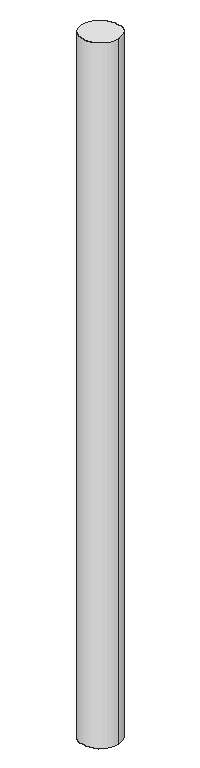
Revit family "BTC-CocTron_BeTong", category Structural Foundations, Revit 2025
Family settings
  Material for Model Behavior = Precast Concrete
  Cap = No
  OmniClass Number = 23.25.05.11.14.21
  OmniClass Title = Rolled Steel Section Driven Piles
  Work Plane-Based = No
  Always vertical = Yes
  Cut with Voids When Loaded = No
  Shared = Yes
  Show family pre-cut in plan views = Yes
Parameters (values of type "350")
  Structural Material [instance] = ThepToHop
  Radius = Diameter / 2  # 175 mm
  Minimum Embedment = 100 mm
  Keynote = ""
  Diameter = 350 mm
  Depth = 6000 mm
  Assembly Code = "A1020130"
Reference planes
  plane 1 "Center (Front/Back)": y = 0
  plane 2: z = 0
  plane 3 "Center (Left/Right)": x = 0
  plane 4: z = -6000
  plane 5: z = 100
Forms (mm)
  Extrusion 1, solid, material "ThepToHop" <- "Structural Material"
    sketch origin (0, 0, 0) x (1, 0, 0) y (0, 1, 0)
      loop
        circle (0, 0) r 175
    from -6000 to 100
Lines and regions (mm)
  symbolic lines
    curve 1: line (-125, 0, 0) -> (125, 0, 0)
    curve 2: line (0, -125, 0) -> (0, 125, 0)
Dimensions and locks
  "Depth": plane 2 to plane 4
  "Minimum Embedment": plane 5 to plane 2
  "Radius": radius of Extrusion 1 sketch curve
  aligned and locked: Extrusion 1 to plane 4
  aligned and locked: Extrusion 1 to plane 5
Automatic sketch dimensions
  Extrusion 1 sketch curve to plane 1 "Center (Front/Back)" = 0 mm
  Extrusion 1 sketch curve to plane 3 "Center (Left/Right)" = 0 mm
  plane 1 "Center (Front/Back)" to curve 1 = 0 mm
  curve 2 to plane 3 "Center (Left/Right)" = 0 mm
  curve 1 to plane 3 "Center (Left/Right)" = 125 mm
  plane 3 "Center (Left/Right)" to curve 1 = 125 mm
  plane 1 "Center (Front/Back)" to curve 2 = 125 mm
  curve 2 to plane 1 "Center (Front/Back)" = 125 mm
